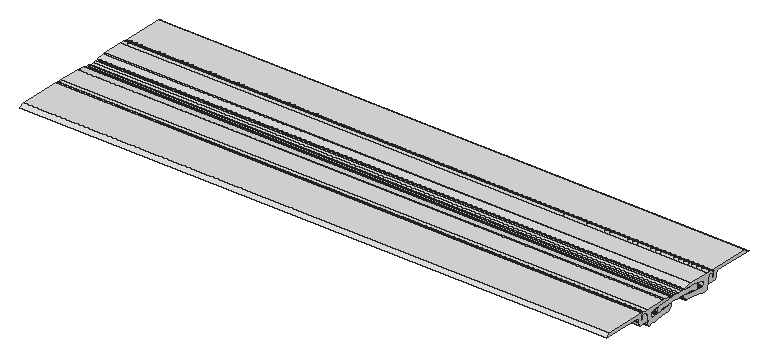
Revit family "Construction-Floors-Conecto-Aluminium Joints ALU AL.165.30", category Specialty Equipment, Revit 2015 (continued)
Definition of nested family "Rubber"
  Forms (mm)
    Extrusion 1, solid, material <- "PVC Material"
      sketch origin (0, 267.311, -4.666) x (0, 1, 0) y (0, 0, 1)
        loop
          line (-250.287, 21.976) -> (-250.16, 20.149) -> (-246.113, 19.999) -> (-241.408, 19.705) -> (-236.704, 19.353) -> (-233.058, 19.058) -> (-232, 19.353) -> (-227.296, 18.882) -> (-222.592, 18.353) -> (-217.887, 17.765) -> (-213.242, 17.177) -> (-211.301, 16.824) -> (-209.797, 16.103) -> (-209.2, 15.367) -> (-208.832, 14.354) -> (-208.832, 13.413) -> (-209.655, 8.298) -> (-210.025, 7.466) -> (-210.637, 6.854) -> (-211.889, 6.592) -> (-214.712, 7.004) -> (-219.24, 7.651) -> (-223.768, 8.239) -> (-228.354, 8.768) -> (-232.941, 9.18) -> (-237.469, 9.591) -> (-242.055, 9.885) -> (-246.524, 10.268) -> (-246.524, 11.99) -> (-251.228, 12.191) -> (-251.228, 10.297) -> (-251.17, 9.238) -> (-250.934, 8.239) -> (-250.64, 7.239) -> (-250.17, 6.298) -> (-249.582, 5.416) -> (-248.876, 4.593) -> (-248.112, 3.946) -> (-247.23, 3.358) -> (-246.289, 2.888) -> (-245.348, 2.594) -> (-244.395, 2.382) -> (-242.584, 2.241) -> (-238.057, 1.888) -> (-233.646, 1.535) -> (-229.177, 1.124) -> (-224.708, 0.595) -> (-220.239, 0.065) -> (-215.829, -0.582) -> (-211.36, -1.287) -> (-206.73, -2.015) -> (-205.598, -1.934) -> (-204.833, -1.758) -> (-203.422, -1.052) -> (-202.834, -0.523) -> (-202.078, 0.532) -> (-201.622, 1.323) -> (-198.884, 16.941) -> (-198.641, 17.848) -> (-197.996, 18.804) -> (-197.312, 19.488) -> (-196.326, 20.034) -> (-195.287, 20.352) -> (-194.072, 20.352) -> (-193.316, 20.092) -> (-192.26, 19.577) -> (-191.58, 18.897) -> (-191.085, 18.163) -> (-190.709, 17.425) -> (-190.544, 16.177) -> (-190.631, 15.354) -> (-190.893, 14.303) -> (-190.459, 13.355) -> (-189.662, 13.355) -> (-187.029, 13.924) -> (-186.84, 15.119) -> (-186.722, 16.177) -> (-186.84, 17.177) -> (-187.016, 18.235) -> (-187.369, 19.235) -> (-187.839, 20.176) -> (-188.368, 21.058) -> (-189.074, 21.822) -> (-189.839, 22.528) -> (-190.721, 23.057) -> (-191.661, 23.527) -> (-192.661, 23.88) -> (-193.719, 24.116) -> (-194.719, 24.174) -> (-200.893, 24.174) -> (-235.784, 24.174) -> (-237.175, 24.057) -> (-250.287, 21.976)
      from 0 to 1000
    Extrusion 2, solid, material <- "PVC Material"
      sketch origin (0, -262.734, -4.666) x (0, -1, 0) y (0, 0, -1)
        loop
          line (-250.287, -21.976) -> (-237.175, -24.057) -> (-235.784, -24.174) -> (-200.893, -24.174) -> (-194.719, -24.174) -> (-193.719, -24.116) -> (-192.661, -23.88) -> (-191.661, -23.527) -> (-190.721, -23.057) -> (-189.839, -22.528) -> (-189.074, -21.822) -> (-188.368, -21.058) -> (-187.839, -20.176) -> (-187.369, -19.235) -> (-187.016, -18.235) -> (-186.84, -17.177) -> (-186.722, -16.177) -> (-186.84, -15.119) -> (-187.029, -13.924) -> (-189.662, -13.355) -> (-190.459, -13.355) -> (-190.893, -14.303) -> (-190.631, -15.354) -> (-190.544, -16.177) -> (-190.709, -17.425) -> (-191.085, -18.163) -> (-191.58, -18.897) -> (-192.26, -19.577) -> (-193.316, -20.092) -> (-194.072, -20.352) -> (-195.287, -20.352) -> (-196.326, -20.034) -> (-197.312, -19.488) -> (-197.996, -18.804) -> (-198.641, -17.848) -> (-198.884, -16.941) -> (-201.622, -1.323) -> (-202.078, -0.532) -> (-202.834, 0.523) -> (-203.422, 1.052) -> (-204.833, 1.758) -> (-205.598, 1.934) -> (-206.73, 2.015) -> (-211.36, 1.287) -> (-215.829, 0.582) -> (-220.239, -0.065) -> (-224.708, -0.595) -> (-229.177, -1.124) -> (-233.646, -1.535) -> (-238.057, -1.888) -> (-242.584, -2.241) -> (-244.395, -2.382) -> (-245.348, -2.594) -> (-246.289, -2.888) -> (-247.23, -3.358) -> (-248.112, -3.946) -> (-248.876, -4.593) -> (-249.582, -5.416) -> (-250.17, -6.298) -> (-250.64, -7.239) -> (-250.934, -8.239) -> (-251.17, -9.238) -> (-251.228, -10.297) -> (-251.228, -12.191) -> (-246.524, -11.99) -> (-246.524, -10.268) -> (-242.055, -9.885) -> (-237.469, -9.591) -> (-232.941, -9.18) -> (-228.354, -8.768) -> (-223.768, -8.239) -> (-219.24, -7.651) -> (-214.712, -7.004) -> (-211.889, -6.592) -> (-210.637, -6.854) -> (-210.025, -7.466) -> (-209.655, -8.298) -> (-208.832, -13.413) -> (-208.832, -14.354) -> (-209.2, -15.367) -> (-209.797, -16.103) -> (-211.301, -16.824) -> (-213.242, -17.177) -> (-217.887, -17.765) -> (-222.592, -18.353) -> (-227.296, -18.882) -> (-232, -19.353) -> (-233.058, -19.058) -> (-236.704, -19.353) -> (-241.408, -19.705) -> (-246.113, -19.999) -> (-250.16, -20.149) -> (-250.287, -21.976)
      from 0 to 1000
    Extrusion 3, solid, material <- "PVC Material"
      sketch origin (0, 267.311, -4.666) x (0, 1, 0) y (0, 0, 1)
        loop
          line (-226.002, 18.059) -> (-227.355, 18.235) -> (-228.994, 18.378) -> (-229.072, 17.599) -> (-228.64, 16.881) -> (-229.015, 16.145) -> (-229.883, 15.824) -> (-230.963, 15.932) -> (-231.795, 16.356) -> (-232.074, 17.111) -> (-231.659, 17.83) -> (-231.454, 18.593) -> (-236.704, 19.058) -> (-241.408, 19.411) -> (-250.876, 19.897) -> (-255.101, 20.113) -> (-260.338, 20.205) -> (-266.526, 20.205) -> (-269.707, 20.205) -> (-272.691, 20.101) -> (-275.719, 20.026) -> (-277.987, 19.947) -> (-280.038, 19.875) -> (-282.122, 19.766) -> (-284.338, 19.65) -> (-286.406, 19.542) -> (-288.568, 19.411) -> (-293.272, 19.058) -> (-298.505, 18.601) -> (-298.505, 17.804) -> (-297.918, 17.217) -> (-298.062, 16.402) -> (-298.917, 15.942) -> (-300.093, 15.824) -> (-300.885, 16.032) -> (-301.306, 16.815) -> (-300.938, 17.603) -> (-300.938, 18.404) -> (-302.622, 18.235) -> (-305.7, 17.834) -> (-306.543, 16.027) -> (-306.62, 14.707) -> (-306.209, 10.591) -> (-306.012, 8.629) -> (-301.681, 9.062) -> (-300.169, 9.138) -> (-300.324, 10.377) -> (-300.093, 11.238) -> (-297.271, 11.473) -> (-292.684, 11.885) -> (-288.098, 12.179) -> (-283.452, 12.473) -> (-278.866, 12.708) -> (-274.22, 12.825) -> (-269.634, 12.943) -> (-264.988, 12.943) -> (-260.402, 12.943) -> (-255.756, 12.825) -> (-251.111, 12.708) -> (-246.524, 12.473) -> (-241.938, 12.179) -> (-237.292, 11.885) -> (-232.706, 11.473) -> (-230.211, 11.265) -> (-229.649, 10.702) -> (-229.868, 9.138) -> (-226.066, 8.739) -> (-225.165, 8.817) -> (-224.177, 9.509) -> (-223.88, 10.325) -> (-223.37, 15.173) -> (-223.473, 15.998) -> (-223.867, 16.842) -> (-224.995, 17.789) -> (-226.002, 18.059)
      from 0 to 1000
  Dimensions and locks
    "Length": plane 3 "Center (Left/Right)" to plane 4
    aligned and locked: level to plane 2
    aligned and locked: Extrusion 1 to plane 4
    aligned and locked: Extrusion 2 to plane 4
    aligned and locked: Extrusion 3 to plane 4
  Automatic sketch dimensions
    level to Extrusion 1 sketch curve = 5.631 mm
    Extrusion 1 sketch curve to plane 1 "Center (Front/Back)" = 16.082 mm
    level to Extrusion 1 sketch curve = 4.573 mm
    Extrusion 1 sketch curve to Extrusion 1 sketch curve = 0.059 mm
    level to Extrusion 1 sketch curve = 3.573 mm  (x2)
    Extrusion 1 sketch curve to Extrusion 1 sketch curve = 0.235 mm
    level to Extrusion 1 sketch curve = 2.573 mm
    Extrusion 1 sketch curve to Extrusion 1 sketch curve = 0.294 mm
    level to Extrusion 1 sketch curve = 17.31 mm
    Extrusion 1 sketch curve to Extrusion 1 sketch curve = 0.941 mm  (x5)
    level to Extrusion 1 sketch curve = 1.632 mm
    Extrusion 1 sketch curve to Extrusion 1 sketch curve = 0.47 mm  (x2)
    level to Extrusion 1 sketch curve = 15.483 mm
    Extrusion 1 sketch curve to Extrusion 1 sketch curve = 0.128 mm
    level to Extrusion 1 sketch curve = 0.75 mm
    Extrusion 1 sketch curve to Extrusion 1 sketch curve = 0.588 mm  (x2)
    Extrusion 1 sketch curve to level = 0.073 mm
    Extrusion 1 sketch curve to Extrusion 1 sketch curve = 0.706 mm  (x2)
    Extrusion 1 sketch curve to level = 0.72 mm
    Extrusion 1 sketch curve to Extrusion 1 sketch curve = 0.764 mm  (x3)
    Extrusion 1 sketch curve to level = 1.308 mm
    Extrusion 1 sketch curve to Extrusion 1 sketch curve = 0.882 mm  (x2)
    Extrusion 1 sketch curve to Extrusion 1 sketch curve = 4.704 mm  (x5)
    Extrusion 1 sketch curve to level = 1.778 mm
    level to Extrusion 1 sketch curve = 15.333 mm
    Extrusion 1 sketch curve to Extrusion 1 sketch curve = 4.047 mm
    Extrusion 1 sketch curve to level = 2.072 mm
    Extrusion 1 sketch curve to level = 2.284 mm
    Extrusion 1 sketch curve to Extrusion 1 sketch curve = 0.953 mm
    Extrusion 1 sketch curve to level = 2.425 mm
    Extrusion 1 sketch curve to Extrusion 1 sketch curve = 1.811 mm
    level to Extrusion 1 sketch curve = 5.219 mm
    Extrusion 1 sketch curve to Extrusion 1 sketch curve = 4.469 mm  (x5)
    level to Extrusion 1 sketch curve = 15.039 mm
    Extrusion 1 sketch curve to level = 2.778 mm
    Extrusion 1 sketch curve to Extrusion 1 sketch curve = 4.528 mm  (x4)
    level to Extrusion 1 sketch curve = 4.925 mm
    Extrusion 1 sketch curve to Extrusion 1 sketch curve = 4.587 mm  (x2)
    level to Extrusion 1 sketch curve = 19.391 mm
    Extrusion 1 sketch curve to Extrusion 1 sketch curve = 4.234 mm
    level to Extrusion 1 sketch curve = 14.687 mm  (x2)
    level to Extrusion 1 sketch curve = 19.508 mm
    Extrusion 1 sketch curve to Extrusion 1 sketch curve = 1.391 mm
    Extrusion 1 sketch curve to level = 3.131 mm
    Extrusion 1 sketch curve to Extrusion 1 sketch curve = 4.41 mm  (x2)
    level to Extrusion 1 sketch curve = 14.393 mm
    Extrusion 1 sketch curve to Extrusion 1 sketch curve = 3.646 mm
    Extrusion 1 sketch curve to Extrusion 1 sketch curve = 1.058 mm  (x2)
    Extrusion 1 sketch curve to level = 3.542 mm
    level to Extrusion 1 sketch curve = 4.102 mm
    Extrusion 1 sketch curve to Extrusion 1 sketch curve = 0.823 mm
    level to Extrusion 1 sketch curve = 14.216 mm
    Extrusion 1 sketch curve to level = 4.071 mm
    level to Extrusion 1 sketch curve = 13.687 mm
    Extrusion 1 sketch curve to level = 4.601 mm
    level to Extrusion 1 sketch curve = 2.985 mm
    Extrusion 1 sketch curve to level = 5.247 mm
    level to Extrusion 1 sketch curve = 2.338 mm
    level to Extrusion 1 sketch curve = 12.511 mm  (x2)
    Extrusion 1 sketch curve to Extrusion 1 sketch curve = 9.35 mm
    level to Extrusion 1 sketch curve = 1.926 mm
    Extrusion 1 sketch curve to Extrusion 1 sketch curve = 2.823 mm
    level to Extrusion 1 sketch curve = 12.158 mm
    Extrusion 1 sketch curve to Extrusion 1 sketch curve = 1.94 mm
    level to Extrusion 1 sketch curve = 2.188 mm
    Extrusion 1 sketch curve to Extrusion 1 sketch curve = 1.253 mm
    level to Extrusion 1 sketch curve = 2.8 mm
    Extrusion 1 sketch curve to Extrusion 1 sketch curve = 0.612 mm
    level to Extrusion 1 sketch curve = 11.437 mm
    Extrusion 1 sketch curve to Extrusion 1 sketch curve = 1.505 mm
    level to Extrusion 1 sketch curve = 3.632 mm
    Extrusion 1 sketch curve to Extrusion 1 sketch curve = 0.37 mm
    level to Extrusion 1 sketch curve = 10.701 mm
    Extrusion 1 sketch curve to Extrusion 1 sketch curve = 0.596 mm
    Extrusion 1 sketch curve to Extrusion 1 sketch curve = 0.368 mm
    Extrusion 1 sketch curve to level = 6.681 mm
    Extrusion 1 sketch curve to Extrusion 1 sketch curve = 9.1 mm
    Extrusion 1 sketch curve to level = 6.6 mm
    Extrusion 1 sketch curve to Extrusion 1 sketch curve = 1.132 mm
    Extrusion 1 sketch curve to level = 6.424 mm
    Extrusion 1 sketch curve to level = 5.718 mm
    Extrusion 1 sketch curve to Extrusion 1 sketch curve = 1.411 mm
    Extrusion 1 sketch curve to level = 5.189 mm
    Extrusion 1 sketch curve to level = 4.134 mm
    Extrusion 1 sketch curve to Extrusion 1 sketch curve = 0.755 mm
    Extrusion 1 sketch curve to level = 3.342 mm
    Extrusion 1 sketch curve to Extrusion 1 sketch curve = 0.457 mm
    Extrusion 1 sketch curve to Extrusion 1 sketch curve = 8.903 mm
    level to Extrusion 1 sketch curve = 12.275 mm
    Extrusion 1 sketch curve to Extrusion 1 sketch curve = 2.009 mm
    level to Extrusion 1 sketch curve = 13.182 mm
    Extrusion 1 sketch curve to Extrusion 1 sketch curve = 0.243 mm
    level to Extrusion 1 sketch curve = 14.138 mm
    Extrusion 1 sketch curve to Extrusion 1 sketch curve = 0.645 mm
    level to Extrusion 1 sketch curve = 14.822 mm
    Extrusion 1 sketch curve to Extrusion 1 sketch curve = 0.684 mm
    level to Extrusion 1 sketch curve = 15.368 mm
    Extrusion 1 sketch curve to Extrusion 1 sketch curve = 0.986 mm
    level to Extrusion 1 sketch curve = 15.686 mm
    Extrusion 1 sketch curve to Extrusion 1 sketch curve = 1.039 mm
    Extrusion 1 sketch curve to Extrusion 1 sketch curve = 0.568 mm
    Extrusion 1 sketch curve to Extrusion 1 sketch curve = 1.215 mm
    level to Extrusion 1 sketch curve = 19.45 mm
    Extrusion 1 sketch curve to Extrusion 1 sketch curve = 1 mm  (x2)
    level to Extrusion 1 sketch curve = 15.426 mm
    Extrusion 1 sketch curve to Extrusion 1 sketch curve = 0.757 mm
    level to Extrusion 1 sketch curve = 19.214 mm
    level to Extrusion 1 sketch curve = 14.911 mm
    Extrusion 1 sketch curve to Extrusion 1 sketch curve = 1.055 mm
    level to Extrusion 1 sketch curve = 18.862 mm
    level to Extrusion 1 sketch curve = 14.231 mm
    Extrusion 1 sketch curve to Extrusion 1 sketch curve = 0.68 mm
    level to Extrusion 1 sketch curve = 13.497 mm
    Extrusion 1 sketch curve to Extrusion 1 sketch curve = 0.495 mm
    level to Extrusion 1 sketch curve = 9.637 mm
    Extrusion 1 sketch curve to Extrusion 1 sketch curve = 0.193 mm
    level to Extrusion 1 sketch curve = 18.391 mm
    level to Extrusion 1 sketch curve = 12.759 mm
    Extrusion 1 sketch curve to Extrusion 1 sketch curve = 0.376 mm
    level to Extrusion 1 sketch curve = 10.688 mm
    Extrusion 1 sketch curve to Extrusion 1 sketch curve = 0.262 mm
    level to Extrusion 1 sketch curve = 11.511 mm  (x2)
    Extrusion 1 sketch curve to Extrusion 1 sketch curve = 0.087 mm
    Extrusion 1 sketch curve to Extrusion 1 sketch curve = 0.434 mm
    level to Extrusion 1 sketch curve = 17.862 mm
    level to Extrusion 1 sketch curve = 8.689 mm
    Extrusion 1 sketch curve to Extrusion 1 sketch curve = 0.797 mm
    level to Extrusion 1 sketch curve = 17.156 mm
    level to Extrusion 1 sketch curve = 16.392 mm
    level to Extrusion 1 sketch curve = 15.51 mm
    Extrusion 1 sketch curve to Extrusion 1 sketch curve = 0.529 mm
    level to Extrusion 1 sketch curve = 14.569 mm
    level to Extrusion 1 sketch curve = 9.258 mm
    Extrusion 1 sketch curve to Extrusion 1 sketch curve = 2.633 mm
    level to Extrusion 1 sketch curve = 13.569 mm
    Extrusion 1 sketch curve to Extrusion 1 sketch curve = 0.353 mm
    Extrusion 1 sketch curve to Extrusion 1 sketch curve = 0.176 mm
    level to Extrusion 1 sketch curve = 10.453 mm
    Extrusion 1 sketch curve to Extrusion 1 sketch curve = 0.189 mm
    Extrusion 1 sketch curve to Extrusion 1 sketch curve = 0.118 mm
    Extrusion 1 sketch curve to Extrusion 1 sketch curve = 0.382 mm
    Extrusion 1 sketch curve to Extrusion 1 sketch curve = 1.722 mm
    Extrusion 1 sketch curve to Extrusion 1 sketch curve = 1.894 mm
    Extrusion 1 sketch curve to Extrusion 1 sketch curve = 1.953 mm
    level to Extrusion 1 sketch curve = 4.514 mm  (x2)
    Extrusion 1 sketch curve to Extrusion 1 sketch curve = 0 mm  (x3)
    level to Extrusion 1 sketch curve = 13.099 mm  (x2)
    Extrusion 1 sketch curve to Extrusion 1 sketch curve = 4.645 mm
    Extrusion 1 sketch curve to level = 5.953 mm  (x2)
    Extrusion 2 sketch curve to level = 5.631 mm
    Extrusion 2 sketch curve to plane 1 "Center (Front/Back)" = 11.506 mm
    Extrusion 2 sketch curve to level = 4.573 mm
    Extrusion 2 sketch curve to Extrusion 2 sketch curve = 0.059 mm
    Extrusion 2 sketch curve to level = 3.573 mm  (x2)
    Extrusion 2 sketch curve to Extrusion 2 sketch curve = 0.235 mm
    Extrusion 2 sketch curve to level = 2.573 mm
    Extrusion 2 sketch curve to Extrusion 2 sketch curve = 0.294 mm
    Extrusion 2 sketch curve to level = 17.31 mm
    Extrusion 2 sketch curve to Extrusion 2 sketch curve = 0.941 mm  (x5)
    Extrusion 2 sketch curve to level = 1.632 mm
    Extrusion 2 sketch curve to Extrusion 2 sketch curve = 0.47 mm  (x2)
    Extrusion 2 sketch curve to level = 15.483 mm
    Extrusion 2 sketch curve to Extrusion 2 sketch curve = 0.128 mm
    Extrusion 2 sketch curve to level = 0.75 mm
    Extrusion 2 sketch curve to Extrusion 2 sketch curve = 0.588 mm  (x2)
    level to Extrusion 2 sketch curve = 0.073 mm
    Extrusion 2 sketch curve to Extrusion 2 sketch curve = 0.706 mm  (x2)
    level to Extrusion 2 sketch curve = 0.72 mm
    Extrusion 2 sketch curve to Extrusion 2 sketch curve = 0.764 mm  (x3)
    level to Extrusion 2 sketch curve = 1.308 mm
    Extrusion 2 sketch curve to Extrusion 2 sketch curve = 0.882 mm  (x2)
    Extrusion 2 sketch curve to Extrusion 2 sketch curve = 4.704 mm  (x5)
    level to Extrusion 2 sketch curve = 1.778 mm
    Extrusion 2 sketch curve to level = 15.333 mm
    Extrusion 2 sketch curve to Extrusion 2 sketch curve = 4.047 mm
    level to Extrusion 2 sketch curve = 2.072 mm
    level to Extrusion 2 sketch curve = 2.284 mm
    Extrusion 2 sketch curve to Extrusion 2 sketch curve = 0.953 mm
    level to Extrusion 2 sketch curve = 2.425 mm
    Extrusion 2 sketch curve to Extrusion 2 sketch curve = 1.811 mm
    Extrusion 2 sketch curve to level = 5.219 mm
    Extrusion 2 sketch curve to Extrusion 2 sketch curve = 4.469 mm  (x5)
    Extrusion 2 sketch curve to level = 15.039 mm
    level to Extrusion 2 sketch curve = 2.778 mm
    Extrusion 2 sketch curve to Extrusion 2 sketch curve = 4.528 mm  (x4)
    Extrusion 2 sketch curve to level = 4.925 mm
    Extrusion 2 sketch curve to Extrusion 2 sketch curve = 4.587 mm  (x2)
    Extrusion 2 sketch curve to level = 19.391 mm
    Extrusion 2 sketch curve to Extrusion 2 sketch curve = 4.234 mm
    Extrusion 2 sketch curve to level = 14.687 mm  (x2)
    Extrusion 2 sketch curve to level = 19.508 mm
    Extrusion 2 sketch curve to Extrusion 2 sketch curve = 1.391 mm
    level to Extrusion 2 sketch curve = 3.131 mm
    Extrusion 2 sketch curve to Extrusion 2 sketch curve = 4.41 mm  (x2)
    Extrusion 2 sketch curve to level = 14.393 mm
    Extrusion 2 sketch curve to Extrusion 2 sketch curve = 3.646 mm
    Extrusion 2 sketch curve to Extrusion 2 sketch curve = 1.058 mm  (x2)
    level to Extrusion 2 sketch curve = 3.542 mm
    Extrusion 2 sketch curve to level = 4.102 mm
    Extrusion 2 sketch curve to Extrusion 2 sketch curve = 0.823 mm
    Extrusion 2 sketch curve to level = 14.216 mm
    level to Extrusion 2 sketch curve = 4.071 mm
    Extrusion 2 sketch curve to level = 13.687 mm
    level to Extrusion 2 sketch curve = 4.601 mm
    Extrusion 2 sketch curve to level = 2.985 mm
    level to Extrusion 2 sketch curve = 5.247 mm
    Extrusion 2 sketch curve to level = 2.338 mm
    Extrusion 2 sketch curve to level = 12.511 mm  (x2)
    Extrusion 2 sketch curve to Extrusion 2 sketch curve = 9.35 mm
    Extrusion 2 sketch curve to level = 1.926 mm
    Extrusion 2 sketch curve to Extrusion 2 sketch curve = 2.823 mm
    Extrusion 2 sketch curve to level = 12.158 mm
    Extrusion 2 sketch curve to Extrusion 2 sketch curve = 1.94 mm
    Extrusion 2 sketch curve to level = 2.188 mm
    Extrusion 2 sketch curve to Extrusion 2 sketch curve = 1.253 mm
    Extrusion 2 sketch curve to level = 2.8 mm
    Extrusion 2 sketch curve to Extrusion 2 sketch curve = 0.612 mm
    Extrusion 2 sketch curve to level = 11.437 mm
    Extrusion 2 sketch curve to Extrusion 2 sketch curve = 1.505 mm
    Extrusion 2 sketch curve to level = 3.632 mm
    Extrusion 2 sketch curve to Extrusion 2 sketch curve = 0.37 mm
    Extrusion 2 sketch curve to level = 10.701 mm
    Extrusion 2 sketch curve to Extrusion 2 sketch curve = 0.596 mm
    Extrusion 2 sketch curve to Extrusion 2 sketch curve = 0.368 mm
    level to Extrusion 2 sketch curve = 6.681 mm
    Extrusion 2 sketch curve to Extrusion 2 sketch curve = 9.1 mm
    level to Extrusion 2 sketch curve = 6.6 mm
    Extrusion 2 sketch curve to Extrusion 2 sketch curve = 1.132 mm
    level to Extrusion 2 sketch curve = 6.424 mm
    level to Extrusion 2 sketch curve = 5.718 mm
    Extrusion 2 sketch curve to Extrusion 2 sketch curve = 1.411 mm
    level to Extrusion 2 sketch curve = 5.189 mm
    level to Extrusion 2 sketch curve = 4.134 mm
    Extrusion 2 sketch curve to Extrusion 2 sketch curve = 0.755 mm
    level to Extrusion 2 sketch curve = 3.342 mm
    Extrusion 2 sketch curve to Extrusion 2 sketch curve = 0.457 mm
    Extrusion 2 sketch curve to Extrusion 2 sketch curve = 8.903 mm
    Extrusion 2 sketch curve to level = 12.275 mm
    Extrusion 2 sketch curve to Extrusion 2 sketch curve = 2.009 mm
    Extrusion 2 sketch curve to level = 13.182 mm
    Extrusion 2 sketch curve to Extrusion 2 sketch curve = 0.243 mm
    Extrusion 2 sketch curve to level = 14.138 mm
    Extrusion 2 sketch curve to Extrusion 2 sketch curve = 0.645 mm
    Extrusion 2 sketch curve to level = 14.822 mm
    Extrusion 2 sketch curve to Extrusion 2 sketch curve = 0.684 mm
    Extrusion 2 sketch curve to level = 15.368 mm
    Extrusion 2 sketch curve to Extrusion 2 sketch curve = 0.986 mm
    Extrusion 2 sketch curve to level = 15.686 mm
    Extrusion 2 sketch curve to Extrusion 2 sketch curve = 1.039 mm
    Extrusion 2 sketch curve to Extrusion 2 sketch curve = 0.568 mm
    Extrusion 2 sketch curve to Extrusion 2 sketch curve = 1.215 mm
    Extrusion 2 sketch curve to level = 19.45 mm
    Extrusion 2 sketch curve to Extrusion 2 sketch curve = 1 mm  (x2)
    Extrusion 2 sketch curve to level = 15.426 mm
    Extrusion 2 sketch curve to Extrusion 2 sketch curve = 0.757 mm
    Extrusion 2 sketch curve to level = 19.214 mm
    Extrusion 2 sketch curve to level = 14.911 mm
    Extrusion 2 sketch curve to Extrusion 2 sketch curve = 1.055 mm
    Extrusion 2 sketch curve to level = 18.862 mm
    Extrusion 2 sketch curve to level = 14.231 mm
    Extrusion 2 sketch curve to Extrusion 2 sketch curve = 0.68 mm
    Extrusion 2 sketch curve to level = 13.497 mm
    Extrusion 2 sketch curve to Extrusion 2 sketch curve = 0.495 mm
    Extrusion 2 sketch curve to level = 9.637 mm
    Extrusion 2 sketch curve to Extrusion 2 sketch curve = 0.193 mm
    Extrusion 2 sketch curve to level = 18.391 mm
    Extrusion 2 sketch curve to level = 12.759 mm
    Extrusion 2 sketch curve to Extrusion 2 sketch curve = 0.376 mm
    Extrusion 2 sketch curve to level = 10.688 mm
    Extrusion 2 sketch curve to Extrusion 2 sketch curve = 0.262 mm
    Extrusion 2 sketch curve to level = 11.511 mm  (x2)
    Extrusion 2 sketch curve to Extrusion 2 sketch curve = 0.087 mm
    Extrusion 2 sketch curve to Extrusion 2 sketch curve = 0.434 mm
    Extrusion 2 sketch curve to level = 17.862 mm
    Extrusion 2 sketch curve to level = 8.689 mm
    Extrusion 2 sketch curve to Extrusion 2 sketch curve = 0.797 mm
    Extrusion 2 sketch curve to level = 17.156 mm
    Extrusion 2 sketch curve to level = 16.392 mm
    Extrusion 2 sketch curve to level = 15.51 mm
    Extrusion 2 sketch curve to Extrusion 2 sketch curve = 0.529 mm
    Extrusion 2 sketch curve to level = 14.569 mm
    Extrusion 2 sketch curve to level = 9.258 mm
    Extrusion 2 sketch curve to Extrusion 2 sketch curve = 2.633 mm
    Extrusion 2 sketch curve to level = 13.569 mm
    Extrusion 2 sketch curve to Extrusion 2 sketch curve = 0.353 mm
    Extrusion 2 sketch curve to Extrusion 2 sketch curve = 0.176 mm
    Extrusion 2 sketch curve to level = 10.453 mm
    Extrusion 2 sketch curve to Extrusion 2 sketch curve = 0.189 mm
    Extrusion 2 sketch curve to Extrusion 2 sketch curve = 0.118 mm
    Extrusion 2 sketch curve to Extrusion 2 sketch curve = 0.382 mm
    Extrusion 2 sketch curve to Extrusion 2 sketch curve = 1.722 mm
    Extrusion 2 sketch curve to Extrusion 2 sketch curve = 1.894 mm
    Extrusion 2 sketch curve to Extrusion 2 sketch curve = 1.953 mm
    Extrusion 2 sketch curve to level = 4.514 mm  (x2)
    Extrusion 2 sketch curve to Extrusion 2 sketch curve = 0 mm  (x3)
    Extrusion 2 sketch curve to level = 13.099 mm  (x2)
    Extrusion 2 sketch curve to Extrusion 2 sketch curve = 4.645 mm
    level to Extrusion 2 sketch curve = 5.953 mm  (x2)
    level to Extrusion 3 sketch curve = 10.041 mm
    plane 1 "Center (Front/Back)" to Extrusion 3 sketch curve = 39.309 mm
    level to Extrusion 3 sketch curve = 11.361 mm
    Extrusion 3 sketch curve to Extrusion 3 sketch curve = 0.078 mm  (x2)
    level to Extrusion 3 sketch curve = 13.168 mm
    Extrusion 3 sketch curve to Extrusion 3 sketch curve = 0.842 mm
    level to Extrusion 3 sketch curve = 13.569 mm  (x2)
    Extrusion 3 sketch curve to Extrusion 3 sketch curve = 3.079 mm
    level to Extrusion 3 sketch curve = 4.396 mm
    Extrusion 3 sketch curve to Extrusion 3 sketch curve = 4.939 mm
    level to Extrusion 3 sketch curve = 12.149 mm
    Extrusion 3 sketch curve to Extrusion 3 sketch curve = 1.316 mm
    Extrusion 3 sketch curve to Extrusion 3 sketch curve = 0.368 mm
    level to Extrusion 3 sketch curve = 11.366 mm
    Extrusion 3 sketch curve to Extrusion 3 sketch curve = 0.421 mm
    level to Extrusion 3 sketch curve = 5.711 mm
    Extrusion 3 sketch curve to Extrusion 3 sketch curve = 1.357 mm
    level to Extrusion 3 sketch curve = 4.472 mm  (x2)
    Extrusion 3 sketch curve to Extrusion 3 sketch curve = 0.155 mm
    level to Extrusion 3 sketch curve = 11.158 mm  (x2)
    Extrusion 3 sketch curve to Extrusion 3 sketch curve = 0.792 mm
    level to Extrusion 3 sketch curve = 6.572 mm
    Extrusion 3 sketch curve to Extrusion 3 sketch curve = 0.231 mm
    level to Extrusion 3 sketch curve = 11.276 mm
    Extrusion 3 sketch curve to Extrusion 3 sketch curve = 1.176 mm
    Extrusion 3 sketch curve to Extrusion 3 sketch curve = 2.433 mm
    level to Extrusion 3 sketch curve = 11.736 mm
    Extrusion 3 sketch curve to Extrusion 3 sketch curve = 0.855 mm
    level to Extrusion 3 sketch curve = 12.551 mm
    Extrusion 3 sketch curve to Extrusion 3 sketch curve = 0.144 mm
    level to Extrusion 3 sketch curve = 6.807 mm  (x2)
    Extrusion 3 sketch curve to Extrusion 3 sketch curve = 2.823 mm
    level to Extrusion 3 sketch curve = 14.393 mm  (x2)
    Extrusion 3 sketch curve to Extrusion 3 sketch curve = 4.646 mm
    level to Extrusion 3 sketch curve = 7.219 mm  (x2)
    Extrusion 3 sketch curve to Extrusion 3 sketch curve = 4.587 mm  (x8)
    level to Extrusion 3 sketch curve = 14.745 mm  (x2)
    Extrusion 3 sketch curve to Extrusion 3 sketch curve = 4.704 mm  (x2)
    level to Extrusion 3 sketch curve = 14.876 mm
    Extrusion 3 sketch curve to Extrusion 3 sketch curve = 2.162 mm
    level to Extrusion 3 sketch curve = 14.984 mm
    Extrusion 3 sketch curve to Extrusion 3 sketch curve = 2.068 mm
    level to Extrusion 3 sketch curve = 7.807 mm  (x2)
    Extrusion 3 sketch curve to Extrusion 3 sketch curve = 0.886 mm
    level to Extrusion 3 sketch curve = 15.1 mm
    Extrusion 3 sketch curve to Extrusion 3 sketch curve = 2.215 mm
    level to Extrusion 3 sketch curve = 15.21 mm
    Extrusion 3 sketch curve to Extrusion 3 sketch curve = 2.084 mm
    level to Extrusion 3 sketch curve = 8.042 mm  (x2)
    level to Extrusion 3 sketch curve = 15.281 mm
    Extrusion 3 sketch curve to Extrusion 3 sketch curve = 2.052 mm
    level to Extrusion 3 sketch curve = 15.36 mm
    Extrusion 3 sketch curve to Extrusion 3 sketch curve = 2.268 mm
    level to Extrusion 3 sketch curve = 15.435 mm
    Extrusion 3 sketch curve to Extrusion 3 sketch curve = 3.028 mm
    level to Extrusion 3 sketch curve = 15.539 mm
    Extrusion 3 sketch curve to Extrusion 3 sketch curve = 2.984 mm
    Extrusion 3 sketch curve to Extrusion 3 sketch curve = 0.073 mm
    Extrusion 3 sketch curve to Extrusion 3 sketch curve = 3.181 mm
    Extrusion 3 sketch curve to Extrusion 3 sketch curve = 4.645 mm  (x4)
    level to Extrusion 3 sketch curve = 8.277 mm
    Extrusion 3 sketch curve to Extrusion 3 sketch curve = 6.188 mm
    level to Extrusion 3 sketch curve = 8.159 mm  (x3)
    level to Extrusion 3 sketch curve = 15.448 mm
    Extrusion 3 sketch curve to Extrusion 3 sketch curve = 5.237 mm
    level to Extrusion 3 sketch curve = 15.231 mm
    Extrusion 3 sketch curve to Extrusion 3 sketch curve = 4.225 mm
    level to Extrusion 3 sketch curve = 7.513 mm  (x3)
    Extrusion 3 sketch curve to Extrusion 3 sketch curve = 0.529 mm
    level to Extrusion 3 sketch curve = 12.445 mm
    Extrusion 3 sketch curve to Extrusion 3 sketch curve = 4.63 mm
    level to Extrusion 3 sketch curve = 11.69 mm
    Extrusion 3 sketch curve to Extrusion 3 sketch curve = 0.279 mm
    level to Extrusion 3 sketch curve = 13.164 mm
    Extrusion 3 sketch curve to Extrusion 3 sketch curve = 0.415 mm
    level to Extrusion 3 sketch curve = 13.927 mm
    Extrusion 3 sketch curve to Extrusion 3 sketch curve = 0.204 mm
    level to Extrusion 3 sketch curve = 11.266 mm
    Extrusion 3 sketch curve to Extrusion 3 sketch curve = 0.832 mm
    level to Extrusion 3 sketch curve = 6.599 mm
    Extrusion 3 sketch curve to Extrusion 3 sketch curve = 2.494 mm
    Extrusion 3 sketch curve to Extrusion 3 sketch curve = 1.08 mm
    Extrusion 3 sketch curve to Extrusion 3 sketch curve = 0.343 mm
    level to Extrusion 3 sketch curve = 6.036 mm
    Extrusion 3 sketch curve to Extrusion 3 sketch curve = 0.563 mm
    level to Extrusion 3 sketch curve = 12.933 mm
    Extrusion 3 sketch curve to Extrusion 3 sketch curve = 0.811 mm
    level to Extrusion 3 sketch curve = 11.479 mm
    Extrusion 3 sketch curve to Extrusion 3 sketch curve = 0.868 mm
    level to Extrusion 3 sketch curve = 13.712 mm
    level to Extrusion 3 sketch curve = 12.215 mm
    Extrusion 3 sketch curve to Extrusion 3 sketch curve = 0.375 mm
    Extrusion 3 sketch curve to Extrusion 3 sketch curve = 1.639 mm
    level to Extrusion 3 sketch curve = 4.073 mm
    Extrusion 3 sketch curve to Extrusion 3 sketch curve = 3.802 mm
    level to Extrusion 3 sketch curve = 13.393 mm
    Extrusion 3 sketch curve to Extrusion 3 sketch curve = 1.352 mm
    level to Extrusion 3 sketch curve = 4.152 mm
    Extrusion 3 sketch curve to Extrusion 3 sketch curve = 0.902 mm
    level to Extrusion 3 sketch curve = 13.123 mm
    Extrusion 3 sketch curve to Extrusion 3 sketch curve = 1.007 mm
    level to Extrusion 3 sketch curve = 4.843 mm
    Extrusion 3 sketch curve to Extrusion 3 sketch curve = 0.988 mm
    level to Extrusion 3 sketch curve = 5.659 mm
    Extrusion 3 sketch curve to Extrusion 3 sketch curve = 0.297 mm
    level to Extrusion 3 sketch curve = 12.176 mm
    Extrusion 3 sketch curve to Extrusion 3 sketch curve = 1.129 mm
    level to Extrusion 3 sketch curve = 11.332 mm
    Extrusion 3 sketch curve to Extrusion 3 sketch curve = 0.394 mm
    level to Extrusion 3 sketch curve = 10.507 mm
    Extrusion 3 sketch curve to Extrusion 3 sketch curve = 0.103 mm
    Extrusion 3 sketch curve to Extrusion 3 sketch curve = 0.789 mm
    Extrusion 3 sketch curve to Extrusion 3 sketch curve = 0.587 mm
    Extrusion 3 sketch curve to Extrusion 3 sketch curve = 0.8 mm
    Extrusion 3 sketch curve to Extrusion 3 sketch curve = 0.796 mm
    Extrusion 3 sketch curve to Extrusion 3 sketch curve = 0.412 mm
    Extrusion 3 sketch curve to Extrusion 3 sketch curve = 0.196 mm
    level to Extrusion 3 sketch curve = 3.963 mm
    Extrusion 3 sketch curve to Extrusion 3 sketch curve = 0 mm  (x2)
Types (20, lengths in mm): name | Rubber Level | N CV | N | 97 | .87 CV | .87 | .77 CV | .77 | .62 | .52 | 42 CV | 42 | .30 CV | .30 | .22 | .15 CV | .15 | #CONST_.20-70
  Aluminium Joints ALU AL.165.30.22 CV | 0 | no | yes | no | no | no | no | no | no | no | no | no | no | no | no | no | no | 50
  Aluminium Joints ALU AL.165.30.42 CV | 0 | no | no | no | no | no | no | no | no | no | yes | no | no | no | no | no | no | 30
  Aluminium Joints ALU AL.165.30.87 CV | 0 | no | no | no | yes | no | no | no | no | no | no | no | no | no | no | no | no | 50
  Aluminium Joints ALU AL.165.30.15 | 0 | no | no | no | no | no | no | no | no | no | no | no | no | no | no | no | yes | 60
  Aluminium Joints ALU AL.165.30.52 | 0 | no | no | no | no | no | no | no | no | yes | no | no | no | no | no | no | no | 70
  Aluminium Joints ALU AL.165.30.62 CV | 0 | no | yes | no | no | no | no | no | no | no | no | no | no | no | no | no | no | 70
  Aluminium Joints ALU AL.165.30.30 | 0 | no | no | no | no | no | no | no | no | no | no | no | no | yes | no | no | no | 70
  Aluminium Joints ALU AL.165.30.62 | 0 | no | no | no | no | no | no | no | yes | no | no | no | no | no | no | no | no | 50
  Aluminium Joints ALU AL.165.30.87 | 0 | no | no | no | no | yes | no | no | no | no | no | no | no | no | no | no | no | 70
  Aluminium Joints ALU AL.165.30 N CV | 4.5 | yes | no | no | no | no | no | no | no | no | no | no | no | no | no | no | no | 70
  Aluminium Joints ALU AL.165.30.77 | 0 | no | no | no | no | no | no | yes | no | no | no | no | no | no | no | no | no | 70
  Aluminium Joints ALU AL.165.30 N | 4.5 | no | yes | no | no | no | no | no | no | no | no | no | no | no | no | no | no | 70
  Aluminium Joints ALU AL.165.30.77 CV | 0 | no | no | no | no | no | yes | no | no | no | no | no | no | no | no | no | no | 70
  Aluminium Joints ALU AL.165.30.97 | 0 | no | no | yes | no | no | no | no | no | no | no | no | no | no | no | no | no | 70
  Aluminium Joints ALU AL.165.30.15 CV | 0 | no | no | no | no | no | no | no | no | no | no | no | no | no | no | yes | no | 70
  Aluminium Joints ALU AL.165.30.30 CV | 0 | no | no | no | no | no | no | no | no | no | no | no | yes | no | no | no | no | 20
  Aluminium Joints ALU AL.165.30.52 CV | 0 | no | yes | no | no | no | no | no | no | no | no | no | no | no | no | no | no | 30
  Aluminium Joints ALU AL.165.30.97 CV | 0 | no | yes | no | no | no | no | no | no | no | no | no | no | no | no | no | no | 50
  Aluminium Joints ALU AL.165.30.22 | 0 | no | no | no | no | no | no | no | no | no | no | no | no | no | yes | no | no | 60
  Aluminium Joints ALU AL.165.30.42 | 0 | no | no | no | no | no | no | no | no | no | no | yes | no | no | no | no | no | 70
